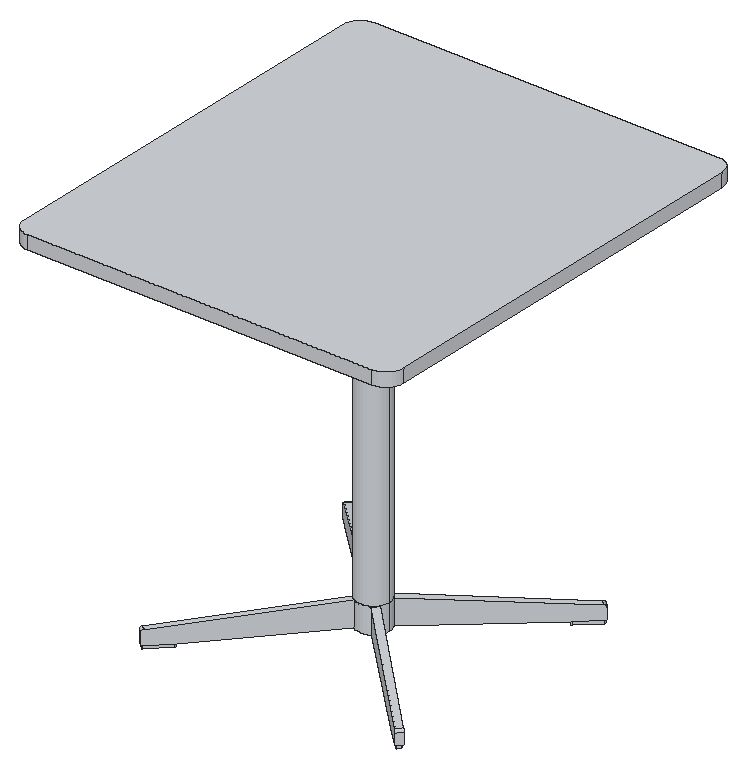
Revit family "Keilhauer_Pact_Table_77433", category Furniture, Revit 2017
Family settings
  OmniClass Number = 23.40.70.14.64.11
  OmniClass Title = Office Furniture
  Work Plane-Based = No
  Always vertical = Yes
  Cut with Voids When Loaded = No
  Shared = No
  Room Calculation Point = No
Parameters (values of type "28 x 32 square")
  Type = 2
  Length = if(Type = 1, 12.000", if(Type = 2, 14.000", 28.000"))  # 14.000"
  Column [instance] = none
  Base 2 = Type = 3  # no
  Base 1 = not(Type = 3)  # yes
  Base [instance] = none
  Glides [instance] = none
  URL = "http://www.keilhauer.com/"
  Product Documentation Link = "http://www.keilhauer.com/"
  Model = "77433"
  Manufacturer = "Keilhauer, Corp."  # constant formula
  Description = "28 x 32 square conference table"
  Copyright © = "© 2021 Keilhauer, Corp."  # constant formula
  Catalog = "Pact"  # constant formula
  Table Top [instance] = none
  Authoring Version = "Autodesk Revit 2015"  # constant formula
  Assembly Code = "E2020200"
Types (3): name | Type | Length | Base 2 | Base 1 | Model | Description
  56 x 32 rectangular | 3 | 28.000" | yes | no | "77434" | "56 x 32 rectangular conference table"
  28 x 32 square | 2 | 14.000" | no | yes | "77433" | "28 x 32 square conference table"
  24 x 32 rectangular | 1 | 12.000" | no | yes | "77432" | "24 x 32 rectangular conference table"
Reference planes (in)
  plane 1 "Center (Front/Back)": y = 0
  plane 2: z = 0
  plane 3 "Center (Left/Right)": x = 0
  plane 4 "Top": z = 28.0201
  plane 5 "Base": z = 0.25
Forms (in)
  Extrusion 1, solid, material <- "Table Top"
    sketch origin (0, 0, 28.0201) x (0, 1, 0) y (-1, 0, 0)
      loop
        arc (16, 12.7) -> (15.61924, 13.61924) -> (14.7, 14) r 1.3
        line (14.7, 14) -> (-14.7, 14)
        arc (-14.7, 14) -> (-15.61924, 13.61924) -> (-16, 12.7) r 1.3
        line (-16, 12.7) -> (-16, -12.7)
        arc (-16, -12.7) -> (-15.61924, -13.61924) -> (-14.7, -14) r 1.3
        line (-14.7, -14) -> (14.7, -14)
        arc (14.7, -14) -> (15.61924, -13.61924) -> (16, -12.7) r 1.3
        line (16, -12.7) -> (16, 12.7)
    from 0 to 1
Lines and regions (in)
  Masking region 1
    outline origin (0, 0, 0) x (1, 0, 0) y (0, 1, 0)
      loop
        line (-14, 14.7) -> (-14, -14.7)
        arc (-14, -14.7) -> (-13.61924, -15.61924) -> (-12.7, -16) r 1.3
        line (-12.7, -16) -> (12.7, -16)
        arc (12.7, -16) -> (13.61924, -15.61924) -> (14, -14.7) r 1.3
        line (14, -14.7) -> (14, 14.7)
        arc (14, 14.7) -> (13.61924, 15.61924) -> (12.7, 16) r 1.3
        line (12.7, 16) -> (-12.7, 16)
        arc (-12.7, 16) -> (-13.61924, 15.61924) -> (-14, 14.7) r 1.3
Dimensions and locks (in)
  locked: Extrusion 1 sketch curve to Extrusion 1 sketch curve at 1.3  (x8)
  equal spacing: Extrusion 1 sketch curve, plane 3 "Center (Left/Right)", Extrusion 1 sketch curve
  "Length": plane 3 "Center (Left/Right)" to Extrusion 1 sketch curve
  aligned and locked: nested 1 to plane 3 "Center (Left/Right)"
  aligned and locked: plane 1 "Center (Front/Back)" to nested 1
  aligned and locked: Extrusion 1 to plane 4 "Top"
  aligned and locked: Masking region 1 sketch curve to Extrusion 1  (x4)
Automatic sketch dimensions
  plane 1 "Center (Front/Back)" to Extrusion 1 sketch curve = 16.000"
  Extrusion 1 sketch curve to plane 1 "Center (Front/Back)" = 14.700"
Nested families (in)
  nested 1: "Furniture_Tag" at (0, 0, 0), type "Center", detail levels fine
    with Offset (LR) 0.000"
  nested 2: "Keilhauer_Pact_Table_Column" at (0, 0, 0), Base <- "Base", Glides <- "Glides", Column <- "Column", Base 2 <- "Base 2", Base 1 <- "Base 1", type "Keilhauer_Pact_Table_Column"
    with Glides none, Column none, Base 2 no, Base 1 yes, Base none
Definition of nested family "Keilhauer_Pact_Table_Column"
  Parameters (values of type "Keilhauer_Pact_Table_Column")
    Base 2 [instance] = yes
    Base 1 [instance] = yes
    Base [instance] = none
    Glides [instance] = none
    URL = "http://www.keilhauer.com/"
    Product Documentation Link = "http://www.keilhauer.com/"
    Model = "Type Catalog"
    Manufacturer = "Keilhauer, Corp."  # constant formula
    Description = "Type Catalog"
    Copyright © = "© 2021 Keilhauer, Corp."  # constant formula
    Catalog = "Pact"  # constant formula
    Column [instance] = none
    Authoring Version = "Autodesk Revit 2015"  # constant formula
    Assembly Code = "E2020200"
  Reference planes (in)
    plane 1 "Center (Front/Back)": y = 0
    plane 2: z = 0
    plane 3 "Center (Left/Right)": x = 0
  Forms (in)
    Extrusion 1, solid, material <- "Column", visible <- "Base 1"
      sketch origin (0, 0, 28.0201) x (0, 1, 0) y (-1, 0, 0)
        loop
          line (6, 6) -> (-6, 6) -> (-6, -6) -> (6, -6) -> (6, 6)
      from 0 to -0.25
    Extrusion 2, solid, material <- "Column", visible <- "Base 1"
      sketch origin (0, 0, 28.0201) x (0, 1, 0) y (-1, 0, 0)
        loop
          circle (0, 0) r 1.18422
      from 0 to -25.5
    Extrusion 3, solid, material <- "Base", visible <- "Base 1"
      sketch origin (0, 0, 0) x (-0.707107, 0.707107, 0) y (0, 0, 1)
        loop
          line (1.23723, 0.6451) -> (11.44223, 0.25) -> (13.54223, 0.25) -> (13.54223, 1.06168)
          arc (13.54223, 1.06168) -> (13.49073, 1.19566) -> (13.36274, 1.26063) r 0.2
          line (13.36274, 1.26063) -> (1.14189, 2.5201) -> (-1.14189, 2.5201) -> (-13.36274, 1.26063)
          arc (-13.36274, 1.26063) -> (-13.49073, 1.19566) -> (-13.54223, 1.06168) r 0.2
          line (-13.54223, 1.06168) -> (-13.54223, 0.25) -> (-11.44223, 0.25) -> (-1.23723, 0.6451) -> (1.23723, 0.6451)
      from -0.25 to 0.25
    Extrusion 4, solid, material <- "Base", visible <- "Base 1"
      sketch origin (0, 0, 0) x (0.707107, 0.707107, 0) y (0, 0, -1)
        loop
          line (1.23723, -0.6451) -> (-1.23723, -0.6451) -> (-11.44223, -0.25) -> (-13.54223, -0.25) -> (-13.54223, -1.06168)
          arc (-13.54223, -1.06168) -> (-13.49073, -1.19566) -> (-13.36274, -1.26063) r 0.2
          line (-13.36274, -1.26063) -> (-1.14189, -2.5201) -> (1.14189, -2.5201) -> (13.36274, -1.26063)
          arc (13.36274, -1.26063) -> (13.49073, -1.19566) -> (13.54223, -1.06168) r 0.2
          line (13.54223, -1.06168) -> (13.54223, -0.25) -> (11.44223, -0.25) -> (1.23723, -0.6451)
      from -0.25 to 0.25
    Extrusion 5, solid, material <- "Glides", visible <- "Base 1"
      sketch origin (0, 0, 0) x (1, 0, 0) y (0, 1, 0)
        loop
          arc (-9.35496, 9.62151) -> (-9.39747, 9.63936) -> (-9.44009, 9.62179) r 0.06
          line (-9.44009, 9.62179) -> (-9.62179, 9.44009)
          arc (-9.62179, 9.44009) -> (-9.63936, 9.39747) -> (-9.62151, 9.35496) r 0.06
          line (-9.62151, 9.35496) -> (-8.29952, 8.02203)
          arc (-8.29952, 8.02203) -> (-8.25715, 8.00428) -> (-8.21463, 8.02167) r 0.06004
          line (-8.21463, 8.02167) -> (-8.03387, 8.20087)
          arc (-8.03387, 8.20087) -> (-8.01688, 8.24167) -> (-8.0336, 8.2826) r 0.05798
          line (-8.0336, 8.2826) -> (-9.35496, 9.62151)
        loop
          line (9.35496, 9.62151) -> (8.0336, 8.2826)
          arc (8.0336, 8.2826) -> (8.01688, 8.24167) -> (8.03387, 8.20087) r 0.05798
          line (8.03387, 8.20087) -> (8.21463, 8.02167)
          arc (8.21463, 8.02167) -> (8.25715, 8.00428) -> (8.29952, 8.02203) r 0.06004
          line (8.29952, 8.02203) -> (9.62151, 9.35496)
          arc (9.62151, 9.35496) -> (9.63936, 9.39747) -> (9.62179, 9.44009) r 0.06
          line (9.62179, 9.44009) -> (9.44009, 9.62179)
          arc (9.44009, 9.62179) -> (9.39747, 9.63936) -> (9.35496, 9.62151) r 0.06
        loop
          line (-9.35496, -9.62151) -> (-8.0336, -8.2826)
          arc (-8.0336, -8.2826) -> (-8.01688, -8.24167) -> (-8.03387, -8.20087) r 0.05798
          line (-8.03387, -8.20087) -> (-8.21463, -8.02167)
          arc (-8.21463, -8.02167) -> (-8.25715, -8.00428) -> (-8.29952, -8.02203) r 0.06004
          line (-8.29952, -8.02203) -> (-9.62151, -9.35496)
          arc (-9.62151, -9.35496) -> (-9.63936, -9.39747) -> (-9.62179, -9.44009) r 0.06
          line (-9.62179, -9.44009) -> (-9.44009, -9.62179)
          arc (-9.44009, -9.62179) -> (-9.39747, -9.63936) -> (-9.35496, -9.62151) r 0.06
        loop
          arc (9.35496, -9.62151) -> (9.39747, -9.63936) -> (9.44009, -9.62179) r 0.06
          line (9.44009, -9.62179) -> (9.62179, -9.44009)
          arc (9.62179, -9.44009) -> (9.63936, -9.39747) -> (9.62151, -9.35496) r 0.06
          line (9.62151, -9.35496) -> (8.29952, -8.02203)
          arc (8.29952, -8.02203) -> (8.25715, -8.00428) -> (8.21463, -8.02167) r 0.06004
          line (8.21463, -8.02167) -> (8.03387, -8.20087)
          arc (8.03387, -8.20087) -> (8.01688, -8.24167) -> (8.0336, -8.2826) r 0.05798
          line (8.0336, -8.2826) -> (9.35496, -9.62151)
      from 0 to 0.25
    Extrusion 6, solid, material <- "Base", visible <- "Base 1"
      sketch origin (0, 0, 2.5201) x (0, 1, 0) y (-1, 0, 0)
        loop
          circle (0, 0) r 1.18863
      from 0 to -1.875
    Extrusion 7, solid, material <- "Base", visible <- "Base 2"
      sketch origin (11.463, 0, 0) x (0.573576, 0.819152, 0) y (0, 0, -1)
        loop
          line (1.23723, -0.6451) -> (0, -0.6451) -> (0, -2.5201) -> (1.14189, -2.5201) -> (13.36274, -1.26063)
          arc (13.36274, -1.26063) -> (13.49073, -1.19566) -> (13.54223, -1.06168) r 0.2
          line (13.54223, -1.06168) -> (13.54223, -0.25) -> (11.44223, -0.25) -> (1.23723, -0.6451)
      from -0.25 to 0.25
    Extrusion 8, solid, material <- "Glides", visible <- "Base 2"
      sketch origin (11.463, 0, 0) x (0.984808, 0.173648, 0) y (-0.173648, 0.984808, 0)
        loop
          line (9.35496, 9.62151) -> (8.0336, 8.2826)
          arc (8.0336, 8.2826) -> (8.01688, 8.24167) -> (8.03387, 8.20087) r 0.05798
          line (8.03387, 8.20087) -> (8.21463, 8.02167)
          arc (8.21463, 8.02167) -> (8.25715, 8.00428) -> (8.29952, 8.02203) r 0.06004
          line (8.29952, 8.02203) -> (9.62151, 9.35496)
          arc (9.62151, 9.35496) -> (9.63936, 9.39747) -> (9.62179, 9.44009) r 0.06
          line (9.62179, 9.44009) -> (9.44009, 9.62179)
          arc (9.44009, 9.62179) -> (9.39747, 9.63936) -> (9.35496, 9.62151) r 0.06
        loop
          arc (5.50004, -12.24084) -> (5.53388, -12.27216) -> (5.57994, -12.27022) r 0.06
          line (5.57994, -12.27022) -> (5.81282, -12.16163)
          arc (5.81282, -12.16163) -> (5.84391, -12.12759) -> (5.84167, -12.08154) r 0.06
          line (5.84167, -12.08154) -> (5.0553, -10.37685)
          arc (5.0553, -10.37685) -> (5.02156, -10.34567) -> (4.97565, -10.34748) r 0.06004
          line (4.97565, -10.34748) -> (4.7445, -10.45404)
          arc (4.7445, -10.45404) -> (4.71459, -10.48658) -> (4.7163, -10.53075) r 0.05798
          line (4.7163, -10.53075) -> (5.50004, -12.24084)
      from 0 to 0.25
    Extrusion 9, solid, material <- "Base", visible <- "Base 2"
      sketch origin (11.463, 0, 0) x (0.573576, -0.819152, 0) y (0, 0, 1)
        loop
          line (1.23723, 0.6451) -> (11.44223, 0.25) -> (13.54223, 0.25) -> (13.54223, 1.06168)
          arc (13.54223, 1.06168) -> (13.49073, 1.19566) -> (13.36274, 1.26063) r 0.2
          line (13.36274, 1.26063) -> (1.14189, 2.5201) -> (0, 2.5201) -> (0, 0.6451) -> (1.23723, 0.6451)
      from -0.25 to 0.25
    Extrusion 10, solid, material <- "Base", visible <- "Base 2"
      sketch origin (11.463, 0, 2.5201) x (0, 1, 0) y (-1, 0, 0)
        loop
          circle (0, 0) r 1.18863
      from 0 to -1.875
    Extrusion 11, solid, material <- "Column", visible <- "Base 2"
      sketch origin (11.463, 0, 28.0201) x (0, 1, 0) y (-1, 0, 0)
        loop
          line (6, 6) -> (-6, 6) -> (-6, -6) -> (6, -6) -> (6, 6)
      from 0 to -0.25
    Extrusion 12, solid, material <- "Column", visible <- "Base 2"
      sketch origin (11.463, 0, 28.0201) x (0, 1, 0) y (-1, 0, 0)
        loop
          circle (0, 0) r 1.18422
      from 0 to -25.5
    Extrusion 13, solid, material <- "Base", visible <- "Base 2"
      sketch origin (-11.463, 0, 0) x (-0.573576, 0.819152, 0) y (0, 0, 1)
        loop
          line (1.23723, 0.6451) -> (11.44223, 0.25) -> (13.54223, 0.25) -> (13.54223, 1.06168)
          arc (13.54223, 1.06168) -> (13.49073, 1.19566) -> (13.36274, 1.26063) r 0.2
          line (13.36274, 1.26063) -> (1.14189, 2.5201) -> (0, 2.5201) -> (0, 0.6451) -> (1.23723, 0.6451)
      from -0.25 to 0.25
    Extrusion 14, solid, material <- "Glides", visible <- "Base 2"
      sketch origin (-11.463, 0, 0) x (-0.984808, 0.173648, 0) y (-0.173648, -0.984808, 0)
        loop
          arc (9.35496, -9.62151) -> (9.39747, -9.63936) -> (9.44009, -9.62179) r 0.06
          line (9.44009, -9.62179) -> (9.62179, -9.44009)
          arc (9.62179, -9.44009) -> (9.63936, -9.39747) -> (9.62151, -9.35496) r 0.06
          line (9.62151, -9.35496) -> (8.29952, -8.02203)
          arc (8.29952, -8.02203) -> (8.25715, -8.00428) -> (8.21463, -8.02167) r 0.06004
          line (8.21463, -8.02167) -> (8.03387, -8.20087)
          arc (8.03387, -8.20087) -> (8.01688, -8.24167) -> (8.0336, -8.2826) r 0.05798
          line (8.0336, -8.2826) -> (9.35496, -9.62151)
        loop
          line (5.50004, 12.24084) -> (4.7163, 10.53075)
          arc (4.7163, 10.53075) -> (4.71459, 10.48658) -> (4.7445, 10.45404) r 0.05798
          line (4.7445, 10.45404) -> (4.97565, 10.34748)
          arc (4.97565, 10.34748) -> (5.02156, 10.34567) -> (5.0553, 10.37685) r 0.06004
          line (5.0553, 10.37685) -> (5.84167, 12.08154)
          arc (5.84167, 12.08154) -> (5.84391, 12.12759) -> (5.81282, 12.16163) r 0.06
          line (5.81282, 12.16163) -> (5.57994, 12.27022)
          arc (5.57994, 12.27022) -> (5.53388, 12.27216) -> (5.50004, 12.24084) r 0.06
      from 0 to 0.25
    Extrusion 15, solid, material <- "Base", visible <- "Base 2"
      sketch origin (-11.463, 0, 0) x (-0.573576, -0.819152, 0) y (0, 0, -1)
        loop
          line (1.23723, -0.6451) -> (0, -0.6451) -> (0, -2.5201) -> (1.14189, -2.5201) -> (13.36274, -1.26063)
          arc (13.36274, -1.26063) -> (13.49073, -1.19566) -> (13.54223, -1.06168) r 0.2
          line (13.54223, -1.06168) -> (13.54223, -0.25) -> (11.44223, -0.25) -> (1.23723, -0.6451)
      from -0.25 to 0.25
    Extrusion 16, solid, material <- "Base", visible <- "Base 2"
      sketch origin (-11.463, 0, 2.5201) x (0, 1, 0) y (-1, 0, 0)
        loop
          circle (0, 0) r 1.18863
      from 0 to -1.875
    Extrusion 17, solid, material <- "Column", visible <- "Base 2"
      sketch origin (-11.463, 0, 28.0201) x (0, 1, 0) y (-1, 0, 0)
        loop
          line (6, -6) -> (6, 6) -> (-6, 6) -> (-6, -6) -> (6, -6)
      from 0 to -0.25
    Extrusion 18, solid, material <- "Column", visible <- "Base 2"
      sketch origin (-11.463, 0, 28.0201) x (0, 1, 0) y (-1, 0, 0)
        loop
          circle (0, 0) r 1.18422
      from 0 to -25.5
    Extrusion 19, solid, material <- "Base", visible <- "Base 2"
      sketch origin (0, 0, 0) x (0, -1, 0) y (0, 0, 1)
        loop
          line (-0.25, 2.5201) -> (-0.25, 0.6451) -> (0.25, 0.6451) -> (0.25, 2.5201) -> (-0.25, 2.5201)
      from -11.463 to 11.463
  Cuts and joins
    joined: Extrusion 3, Extrusion 4
    joined: Extrusion 7, Extrusion 9
    joined: Extrusion 11, Extrusion 12
    joined: Extrusion 1, Extrusion 2
    joined: Extrusion 10, Extrusion 16, Extrusion 19
    joined: Extrusion 17, Extrusion 18
  Dimensions and locks (in)
    aligned and locked: level to Extrusion 5
Definition of nested family "Furniture_Tag"
  Parameters
    P_Width = 0.000"
    Text_Width = "Empty"
    Text_Height = "Empty"
    Text_Diameter = "Empty"
    Text_Depth = "Empty"
    Offset (LR) [instance] = 0.000"
    Model Name = "Type Catalog"
    P_Height = 0.000"
    Distance of Center (not Change) = 0.000"
    P_Diameter = 0.000"
    P_Depth = 0.000"
  Reference planes (in)
    plane 1: y = 0
    plane 2: x = 0
  Lines and regions (in)
    reference lines
      curve 1: line (-0.44359, 0, 0) -> (0.41085, 0, 0)
      curve 3: line (0, 0.32564, 0) -> (0, -0.40221, 0)
    reference lines, not visible
      curve 2: line (-0.44359, 0.09843, 0) -> (0.41085, 0.09843, 0)
      curve 4: line (0, 0.42407, 0) -> (0, -0.30379, 0)
  Text (in)
    label "Empty" at (0.00197, -0.0079, 0), shows "Model Name"
    label "Empty" at (0.00197, 0.09052, 0), shows "Model Name", not visible
  Dimensions and locks (in)
    "Distance of Center (not Change)": plane 1 to curve 1
    "Offset (LR)": curve 3 to plane 2
  Automatic sketch dimensions
    curve 1 to curve 3 = 0.44359"
    curve 3 to curve 1 = 0.41085"
    curve 3 to curve 1 = 0.40221"
    curve 1 to curve 3 = 0.32564"
    curve 2 to curve 4 = 0.44359"
    curve 4 to curve 2 = 0.41085"
    curve 4 to curve 2 = 0.40221"
    curve 2 to curve 4 = 0.32564"
